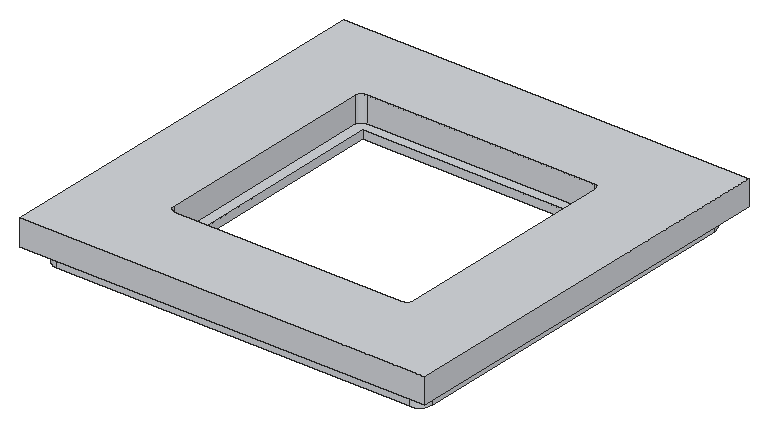
Revit family "Gira_021105", category Electrical Fixtures, host Face, Revit 2017
Family settings
  Host = Face
  Maintain Annotation Orientation = No
  Round Connector Dimension = Use Diameter
  Part Type = Normal
  Cut with Voids When Loaded = No
  Shared = No
  Room Calculation Point = No
Parameters (values of type "Abdeckrahmen 1f Gira Esprit G Schwarz")
  Werkstoffgüte = "Thermoplast"
  Werkstoff = "Glas"
  URL = "http://katalog.gira.de/de_DE/datenblatt.html?artikelnr=021105"
  Transparent = "No"
  Textfeld/Beschriftungsfläche = "No"
  Schutzart (IP) = "IP20"
  Region = "DE"
  Oberfläche = "sonstige"
  Name = "Abdeckrahmen 1f Gira Esprit G Schwarz"
  Montagerichtung = "horizontal und vertikal"
  Mit Montagerahmen = "No"
  Mit Klappdeckel = "No"
  Manufacturer URL = "https://www.gira.de/"
  Keynote = "Espr._Rahmen_1fach"
  HeinzeBIM = "https://bimportal.heinze.de/bim/abdeckrahmen-1f-gira-esprit-g-schwarz/378c4298fa45e71f4b46366468d6e042531b7b82"
  Halogenfrei = "No"
  HAN = "021105"
  Geeignet für Unterputz-Installation = "Yes"
  Geeignet für Unterflurkanaldose = "No"
  Geeignet für Geräteeinbaukanal = "No"
  Geeignet für Einbauinstallation = "No"
  GTIN = "4010337211051"
  Farbe = "schwarz"
  Default Elevation = 1219.2 mm
  Data sheet (1) = "https://katalog.gira.de/de_DE/download.html?artikelnr=021105"
  Category = "Abdeckrahmen"
  Befestigungsart = "Klemmbefestigung"
  Available = "Yes"
  Anzahl der Einheiten vertikal = "1 "
  Anzahl der Einheiten horizontal = "1 "
  Anzahl der Einheiten = "1 "
Reference planes
  plane 1 "Center (Front/Back)": y = 0
  plane 2: z = 0
  plane 3 "Center (Left/Right)": x = 0
Forms (mm)
  Extrusion 1, solid, detail levels fine
    sketch origin (0, 0, 0) x (1, 0, 0) y (0, 1, 0)
      loop
        line (-47.5, 47.5) -> (-47.5, -47.5) -> (47.5, -47.5) -> (47.5, 47.5) -> (-47.5, 47.5)
      loop
        arc (-28.2, -26.7) -> (-27.761, -27.761) -> (-26.7, -28.2) r 1.5
        line (-26.7, -28.2) -> (26.7, -28.2)
        arc (26.7, -28.2) -> (27.761, -27.761) -> (28.2, -26.7) r 1.5
        line (28.2, -26.7) -> (28.2, 26.7)
        arc (28.2, 26.7) -> (27.761, 27.761) -> (26.7, 28.2) r 1.5
        line (26.7, 28.2) -> (-26.7, 28.2)
        arc (-26.7, 28.2) -> (-27.761, 27.761) -> (-28.2, 26.7) r 1.5
        line (-28.2, 26.7) -> (-28.2, -26.7)
    from 0 to 6
  Extrusion 2, solid, detail levels fine
    sketch origin (0, 0, 0) x (1, 0, 0) y (0, 1, 0)
      loop
        line (-25.7, -25.7) -> (25.7, -25.7) -> (25.7, 25.7) -> (-25.7, 25.7) -> (-25.7, -25.7)
      loop
        arc (-43.1, -41.3) -> (-42.573, -42.573) -> (-41.3, -43.1) r 1.8
        line (-41.3, -43.1) -> (41.3, -43.1)
        arc (41.3, -43.1) -> (42.573, -42.573) -> (43.1, -41.3) r 1.8
        line (43.1, -41.3) -> (43.1, 41.3)
        arc (43.1, 41.3) -> (42.573, 42.573) -> (41.3, 43.1) r 1.8
        line (41.3, 43.1) -> (-41.3, 43.1)
        arc (-41.3, 43.1) -> (-42.573, 42.573) -> (-43.1, 41.3) r 1.8
        line (-43.1, 41.3) -> (-43.1, -41.3)
    from -1.9 to 0
  Extrusion 3, solid, detail levels fine
    sketch origin (0, 0, 0) x (1, 0, 0) y (0, 1, 0)
      loop
        arc (-41.4, 44.4) -> (-43.521, 43.521) -> (-44.4, 41.4) r 3
        line (-44.4, 41.4) -> (-44.4, -41.4)
        arc (-44.4, -41.4) -> (-43.521, -43.521) -> (-41.4, -44.4) r 3
        line (-41.4, -44.4) -> (41.4, -44.4)
        arc (41.4, -44.4) -> (43.521, -43.521) -> (44.4, -41.4) r 3
        line (44.4, -41.4) -> (44.4, 41.4)
        arc (44.4, 41.4) -> (43.521, 43.521) -> (41.4, 44.4) r 3
        line (41.4, 44.4) -> (-41.4, 44.4)
      loop
        line (-43.1, 41.3) -> (-43.1, -41.3)
        arc (-43.1, -41.3) -> (-42.573, -42.573) -> (-41.3, -43.1) r 1.8
        line (-41.3, -43.1) -> (41.3, -43.1)
        arc (41.3, -43.1) -> (42.573, -42.573) -> (43.1, -41.3) r 1.8
        line (43.1, -41.3) -> (43.1, 41.3)
        arc (43.1, 41.3) -> (42.573, 42.573) -> (41.3, 43.1) r 1.8
        line (41.3, 43.1) -> (-41.3, 43.1)
        arc (-41.3, 43.1) -> (-42.573, 42.573) -> (-43.1, 41.3) r 1.8
    from -3.7 to 0
  Extrusion 4, solid, detail levels medium
    sketch origin (0, 0, 0) x (1, 0, 0) y (0, 1, 0)
      loop
        line (-47.5, 47.5) -> (-47.5, -47.5) -> (47.5, -47.5) -> (47.5, 47.5) -> (-47.5, 47.5)
    from 0 to 6
  Extrusion 5, solid, detail levels medium
    sketch origin (0, 0, 0) x (1, 0, 0) y (0, 1, 0)
      loop
        line (-44.4, 44.4) -> (-44.4, -44.4) -> (44.4, -44.4) -> (44.4, 44.4) -> (-44.4, 44.4)
    from -3.7 to 0
  Extrusion 6, solid, detail levels coarse
    sketch origin (0, 0, 0) x (1, 0, 0) y (0, 1, 0)
      loop
        line (-47.5, 47.5) -> (-47.5, -47.5) -> (47.5, -47.5) -> (47.5, 47.5) -> (-47.5, 47.5)
    from -3.7 to 6
Dimensions and locks
  aligned and locked: plane 2 to host face
  aligned and locked: level to host face
